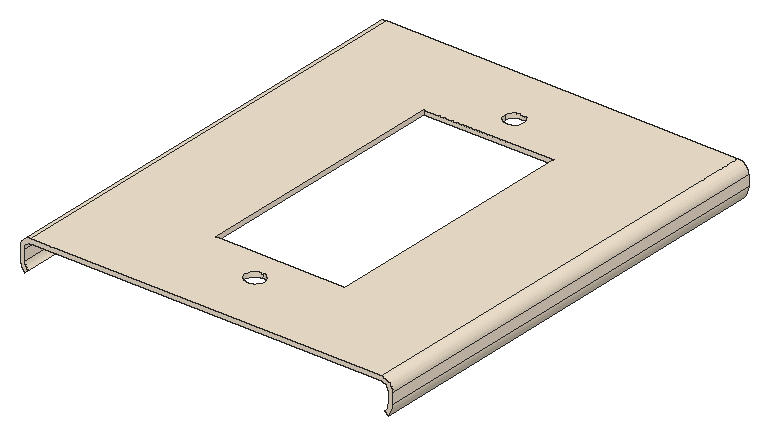
Revit family "Specialty_Equipment-Metal_Raceway-Hubbell_Wiring-Rectangular_Receptacle_Cover-HBL3048R", category Specialty Equipment, host Face, Revit 2015
Parameters
  URL = "http://www.hubbell-wiring.com/"
  Product data url = "https://bimobject.com/hubbellwiring/product/hubbell-metal-raceway-hbl3000"
  Product Page URL = "http://ecatalog.hubbell-wiring.com/ProductInformation/ViewCatalog.aspx?Dest=hubbell-wiring.com/press/catalog/r.pdf"
  Product Documentation Link = "http://www.hubbellcatalog.com/hubbellpremise/datasheets/MRaceway18-25.pdf"
  Model = "HBL3048RIV"
  Manufacturer = "Hubbell Wiring Device Kellems"  # constant formula
  Host Note = "Add in Section View; Host to Wall"  # constant formula
  Description = "Rectangular Receptacle Cover"  # constant formula
  Default Elevation = 48.00"
  Cable Tray Material = Metal-Hubbell-Ivory
  B = 3.75"
  Assembly Code = "D5090900"
  A = 4.50"
Types (3): name | Model | Cable Tray Material | B
  (no name) | "HBL3048RIV" | Metal-Hubbell-Ivory | 3.75"
  HBL3048RGY | "HBL3048RGY" | Metal-Hubbell-Gray | 2.75"
  HBL3048RIV | "HBL3048RIV" | Metal-Hubbell-Ivory | 3.75"
Reference planes (in)
  plane 1 "Center (Front/Back)": y = 0
  plane 2: z = 0
  plane 3 "Center (Left/Right)": x = 0
  plane 4: z = 1.47
  plane 5: y = 2.25
  plane 6: y = -2.25
  plane 7: x = -1.875
  plane 8: x = 1.875
  plane 9: y = 1.625
  plane 10: y = -1.625
  plane 11: z = 1.47836
Forms (in)
  Extrusion 1, solid, material "Metal-Hubbell-Ivory" <- "Cable Tray Material"
    sketch origin (0, 0, -5.35247) x (1, 0, 0) y (0, 0, 1)
      loop
        arc (-1.88844, 6.65155) -> (-1.87755, 6.59254) -> (-1.84633, 6.5413) r 0.16538
        line (-1.84633, 6.5413) -> (-1.81346, 6.5707)
        arc (-1.81346, 6.5707) -> (-1.83635, 6.60828) -> (-1.84434, 6.65155) r 0.12127
        line (-1.84434, 6.65155) -> (-1.84434, 6.7618)
        arc (-1.84434, 6.7618) -> (-1.82496, 6.80858) -> (-1.77819, 6.82795) r 0.06615
        line (-1.77819, 6.82795) -> (1.77069, 6.82795)
        arc (1.77069, 6.82795) -> (1.81746, 6.80858) -> (1.83684, 6.7618) r 0.06615
        line (1.83684, 6.7618) -> (1.83684, 6.65155)
        arc (1.83684, 6.65155) -> (1.82885, 6.60828) -> (1.80596, 6.5707) r 0.12127
        line (1.80596, 6.5707) -> (1.83883, 6.5413)
        arc (1.83883, 6.5413) -> (1.87005, 6.59254) -> (1.88094, 6.65155) r 0.16537
        line (1.88094, 6.65155) -> (1.88094, 6.7618)
        arc (1.88094, 6.7618) -> (1.84865, 6.83976) -> (1.77069, 6.87205) r 0.11025
        line (1.77069, 6.87205) -> (-1.77819, 6.87205)
        arc (-1.77819, 6.87205) -> (-1.85615, 6.83976) -> (-1.88844, 6.7618) r 0.11025
        line (-1.88844, 6.7618) -> (-1.88844, 6.65155)
    from -2.25 to 2.25
  Extrusion 2, void
    sketch origin (-1.78194, -180, 1.47836) x (0, -1, 0) y (-1, 0, 0)
      loop
        circle (-181.64, -1.78194) r 0.1
      loop
        line (-181.32, -2.43694) -> (-178.68, -2.43694) -> (-178.68, -1.12694) -> (-181.32, -1.12694) -> (-181.32, -2.43694)
      loop
        circle (-178.36, -1.78194) r 0.1
    from -0.04122 to 0.28953
Cuts and joins
  Extrusion 2 cuts Extrusion 1
Lines and regions (in)
  symbolic lines
    curve 1: line (0, 2.25, 1.18883) -> (0, -2.25, 1.18883)
    curve 2: line (0, 2.25, 1.52236) -> (0, 2.25, 1.18883)
    curve 3: line (0, -2.25, 1.52236) -> (0, 2.25, 1.52236)
    curve 4: line (0, -2.25, 1.18883) -> (0, -2.25, 1.52236)
    curve 37: line (-1.875, -2.25, 0) -> (1.875, -2.25, 0)
    curve 38: line (-1.875, 2.25, 0) -> (-1.875, -2.25, 0)
    curve 39: line (1.875, 2.25, 0) -> (-1.875, 2.25, 0)
    curve 40: line (1.875, -2.25, 0) -> (1.875, 2.25, 0)
  reference lines
    curve 5: line (-1.84434, 0, 1.29908) -> (-1.84434, 0, 1.40933)
    curve 6: arc (-1.84434, 0, 1.40933) -> (-1.82496, 0, 1.45611) -> (-1.77819, 0, 1.47548) r 0.06615
    curve 7: line (-1.77819, 0, 1.47548) -> (1.77069, 0, 1.47548)
    curve 8: arc (1.77069, 0, 1.47548) -> (1.81746, 0, 1.45611) -> (1.83684, 0, 1.40933) r 0.06615
    curve 9: line (1.83684, 0, 1.40933) -> (1.83684, 0, 1.29908)
    curve 10: arc (1.83684, 0, 1.29908) -> (1.82885, 0, 1.25581) -> (1.80596, 0, 1.21823) r 0.12127
    curve 11: line (1.80596, 0, 1.21823) -> (1.83883, 0, 1.18883)
    curve 12: arc (1.83883, 0, 1.18883) -> (1.87005, 0, 1.24008) -> (1.88094, 0, 1.29908) r 0.16537
    curve 13: line (1.88094, 0, 1.29908) -> (1.88094, 0, 1.40933)
    curve 14: arc (1.88094, 0, 1.40933) -> (1.84865, 0, 1.48729) -> (1.77069, 0, 1.51958) r 0.11025
    curve 15: line (1.77069, 0, 1.51958) -> (-1.77819, 0, 1.51958)
    curve 16: arc (-1.77819, 0, 1.51958) -> (-1.85615, 0, 1.48729) -> (-1.88844, 0, 1.40933) r 0.11025
    curve 17: line (-1.88844, 0, 1.40933) -> (-1.88844, 0, 1.29908)
    curve 18: arc (-1.88844, 0, 1.29908) -> (-1.87755, 0, 1.24008) -> (-1.84633, 0, 1.18883) r 0.16538
    curve 19: line (-1.84633, 0, 1.18883) -> (-1.81346, 0, 1.21823)
    curve 20: arc (-1.81346, 0, 1.21823) -> (-1.83635, 0, 1.25581) -> (-1.84434, 0, 1.29908) r 0.12127
    curve 21: line (-1.84434, 0, 1.29908) -> (-1.84434, 0, 1.40933)
    curve 22: arc (-1.84434, 0, 1.40933) -> (-1.82496, 0, 1.45611) -> (-1.77819, 0, 1.47548) r 0.06615
    curve 23: line (-1.77819, 0, 1.47548) -> (1.77069, 0, 1.47548)
    curve 24: arc (1.77069, 0, 1.47548) -> (1.81746, 0, 1.45611) -> (1.83684, 0, 1.40933) r 0.06615
    curve 25: line (1.83684, 0, 1.40933) -> (1.83684, 0, 1.29908)
    curve 26: arc (1.83684, 0, 1.29908) -> (1.82885, 0, 1.25581) -> (1.80596, 0, 1.21823) r 0.12127
    curve 27: line (1.80596, 0, 1.21823) -> (1.83883, 0, 1.18883)
    curve 28: arc (1.83883, 0, 1.18883) -> (1.87005, 0, 1.24008) -> (1.88094, 0, 1.29908) r 0.16537
    curve 29: line (1.88094, 0, 1.29908) -> (1.88094, 0, 1.40933)
    curve 30: arc (1.88094, 0, 1.40933) -> (1.84865, 0, 1.48729) -> (1.77069, 0, 1.51958) r 0.11025
    curve 31: line (1.77069, 0, 1.51958) -> (-1.77819, 0, 1.51958)
    curve 32: arc (-1.77819, 0, 1.51958) -> (-1.85615, 0, 1.48729) -> (-1.88844, 0, 1.40933) r 0.11025
    curve 33: line (-1.88844, 0, 1.40933) -> (-1.88844, 0, 1.29908)
    curve 34: arc (-1.88844, 0, 1.29908) -> (-1.87755, 0, 1.24008) -> (-1.84633, 0, 1.18883) r 0.16538
    curve 35: line (-1.84633, 0, 1.18883) -> (-1.81346, 0, 1.21823)
    curve 36: arc (-1.81346, 0, 1.21823) -> (-1.83635, 0, 1.25581) -> (-1.84434, 0, 1.29908) r 0.12127
    curve 41: arc (0.1, 1.64, 1.47836) -> (0, 1.54, 1.47836) -> (-0.1, 1.64, 1.47836) r 0.1
    curve 42: arc (-0.1, 1.64, 1.47836) -> (0, 1.74, 1.47836) -> (0.1, 1.64, 1.47836) r 0.1
    curve 43: circle (0, -1.64, 1.47836) r 0.1 normal (0, 0, -1)
    curve 44: line (-0.655, -1.32, 1.47836) -> (0.655, -1.32, 1.47836)
    curve 45: line (-0.655, 1.32, 1.47836) -> (-0.655, -1.32, 1.47836)
    curve 46: line (0.655, 1.32, 1.47836) -> (-0.655, 1.32, 1.47836)
    curve 47: line (0.655, -1.32, 1.47836) -> (0.655, 1.32, 1.47836)
  symbolic lines, style "Symbolic lines"
    curve 48: line (1.77069, 0, 1.51958) -> (-1.77819, 0, 1.51958)
    curve 49: arc (-1.77819, 0, 1.51958) -> (-1.85615, 0, 1.48729) -> (-1.88844, 0, 1.40933) r 0.11025
    curve 50: line (-1.88844, 0, 1.40933) -> (-1.88844, 0, 1.29908)
    curve 51: arc (-1.88844, 0, 1.29908) -> (-1.87755, 0, 1.24008) -> (-1.84633, 0, 1.18883) r 0.16538
    curve 52: line (-1.84633, 0, 1.18883) -> (-1.81346, 0, 1.21823)
    curve 53: arc (-1.81346, 0, 1.21823) -> (-1.83635, 0, 1.25581) -> (-1.84434, 0, 1.29908) r 0.12127
    curve 54: line (-1.84434, 0, 1.29908) -> (-1.84434, 0, 1.40933)
    curve 55: arc (-1.84434, 0, 1.40933) -> (-1.82496, 0, 1.45611) -> (-1.77819, 0, 1.47548) r 0.06615
    curve 56: line (-1.77819, 0, 1.47548) -> (1.77069, 0, 1.47548)
    curve 57: arc (1.77069, 0, 1.47548) -> (1.81746, 0, 1.45611) -> (1.83684, 0, 1.40933) r 0.06615
    curve 58: line (1.83684, 0, 1.40933) -> (1.83684, 0, 1.29908)
    curve 59: arc (1.83684, 0, 1.29908) -> (1.82885, 0, 1.25581) -> (1.80596, 0, 1.21823) r 0.12127
    curve 60: line (1.80596, 0, 1.21823) -> (1.83883, 0, 1.18883)
    curve 61: arc (1.83883, 0, 1.18883) -> (1.87005, 0, 1.24008) -> (1.88094, 0, 1.29908) r 0.16537
    curve 62: line (1.88094, 0, 1.29908) -> (1.88094, 0, 1.40933)
    curve 63: arc (1.88094, 0, 1.40933) -> (1.84865, 0, 1.48729) -> (1.77069, 0, 1.51958) r 0.11025
Dimensions and locks (in)
  equal spacing: plane 5, plane 1 "Center (Front/Back)", plane 6
  "A": plane 5 to plane 6
  "B": plane 7 to plane 8
  equal spacing: plane 9, plane 1 "Center (Front/Back)", plane 10, locked at 1.625 each
  plane 4 to host face = 1.47"
  equal spacing: plane 8, plane 3 "Center (Left/Right)", plane 7
  curve 46 to plane 1 "Center (Front/Back)" to curve 44 = 1.32", 1.32"
  curve 45 to plane 3 "Center (Left/Right)" to curve 47 = 0.655", 0.655"
  curve 45 to curve 47 = 1.31"
  curve 46 to curve 44 = 2.64"
  aligned and locked: plane 2 to host face
  aligned and locked: level to host face
  aligned and locked: Extrusion 1 to plane 6
  aligned and locked: plane 5 to Extrusion 1
  aligned and locked: curve 2 to Extrusion 1
  aligned and locked: curve 4 to Extrusion 1
  aligned and locked: Extrusion 1 sketch curve to curve 34
  aligned and locked: Extrusion 1 sketch curve to curve 32
  aligned and locked: Extrusion 1 sketch curve to curve 30
  aligned and locked: Extrusion 1 sketch curve to curve 28
  aligned and locked: Extrusion 1 sketch curve to curve 27
  aligned and locked: Extrusion 1 sketch curve to curve 26
  aligned and locked: Extrusion 1 sketch curve to curve 24
  aligned and locked: Extrusion 1 sketch curve to curve 22
  aligned and locked: Extrusion 1 sketch curve to curve 36
  aligned and locked: Extrusion 1 sketch curve to curve 35
  aligned and locked: curve 1 to Extrusion 1
  aligned and locked: Extrusion 1 to curve 37
  aligned and locked: plane 5 to curve 39
  aligned and locked: curve 40 to plane 8
  aligned and locked: Extrusion 2 sketch curve to curve 41
  aligned and locked: Extrusion 2 sketch curve to curve 42
  aligned and locked: Extrusion 2 sketch curve to curve 46
  aligned and locked: Extrusion 2 sketch curve to curve 45
  aligned and locked: Extrusion 2 sketch curve to curve 44
  aligned and locked: Extrusion 2 sketch curve to curve 47
  aligned and locked: Extrusion 2 sketch curve to curve 43
  aligned and locked: Extrusion 1 to Extrusion 2
  aligned and locked: curve 15 to Extrusion 2
  aligned and locked: curve 49 to cut or joined group of Extrusion 1, Extrusion 2
  aligned and locked: curve 51 to cut or joined group of Extrusion 1, Extrusion 2
  aligned and locked: curve 52 to cut or joined group of Extrusion 1, Extrusion 2
  aligned and locked: curve 53 to cut or joined group of Extrusion 1, Extrusion 2
  aligned and locked: curve 55 to cut or joined group of Extrusion 1, Extrusion 2
  aligned and locked: curve 57 to cut or joined group of Extrusion 1, Extrusion 2
  aligned and locked: curve 59 to cut or joined group of Extrusion 1, Extrusion 2
  aligned and locked: curve 60 to cut or joined group of Extrusion 1, Extrusion 2
  aligned and locked: curve 61 to cut or joined group of Extrusion 1, Extrusion 2
  aligned and locked: curve 63 to cut or joined group of Extrusion 1, Extrusion 2
  aligned and locked: curve 38 to plane 7
Automatic sketch dimensions
  host sketch curve to host sketch curve = 96.00"  (x2)
  plane 4 to curve 3 = 0.05236"
  curve 6 to curve 16 = 0.00"  (x2)
  curve 6 to curve 22 = 0.00"  (x2)
  curve 6 to curve 32 = 0.00"  (x2)
  curve 8 to curve 14 = 0.00"  (x2)
  curve 8 to curve 24 = 0.00"  (x2)
  curve 8 to curve 30 = 0.00"  (x2)
  curve 10 to curve 12 = 0.00"  (x2)
  curve 10 to curve 26 = 0.00"  (x2)
  curve 10 to curve 28 = 0.00"  (x2)
  curve 12 to curve 26 = 0.00"  (x2)
  curve 12 to curve 28 = 0.00"  (x2)
  curve 14 to curve 24 = 0.00"  (x2)
  curve 14 to curve 30 = 0.00"  (x2)
  curve 16 to curve 22 = 0.00"  (x2)
  curve 16 to curve 32 = 0.00"  (x2)
  curve 18 to curve 20 = 0.00"  (x2)
  curve 18 to curve 34 = 0.00"  (x2)
  curve 18 to curve 36 = 0.00"  (x2)
  curve 20 to curve 34 = 0.00"  (x2)
  curve 20 to curve 36 = 0.00"  (x2)
  curve 22 to curve 32 = 0.00"  (x2)
  curve 24 to curve 30 = 0.00"  (x2)
  curve 26 to curve 28 = 0.00"  (x2)
  curve 34 to curve 36 = 0.00"  (x2)
  curve 16 to plane 7 = 0.01344"
  plane 7 to curve 34 = 0.02867"
  plane 7 to curve 21 = 0.03066"
  curve 19 to curve 36 = 0.03287"
  plane 4 to curve 7 = 0.00548"
  curve 5 to curve 7 = 0.06615"
  curve 19 to curve 20 = 0.09039"
  plane 8 to curve 26 = 0.15944"
  curve 30 to plane 4 = 0.06067"
  plane 8 to curve 30 = 0.10431"
  plane 8 to curve 26 = 0.06904"
  plane 8 to curve 12 = 0.03617"
  curve 36 to curve 22 = 0.11025"
  curve 10 to curve 8 = 0.11025"
  curve 41 to curve 42 = 0.00"  (x2)
  curve 41 to plane 3 "Center (Left/Right)" = 0.00"
  curve 43 to plane 3 "Center (Left/Right)" = 0.00"
  plane 9 to curve 42 = 0.015"
  plane 3 "Center (Left/Right)" to curve 42 = 0.10"
  curve 43 to plane 10 = 0.015"
  radius of curve 43 = 0.10"
